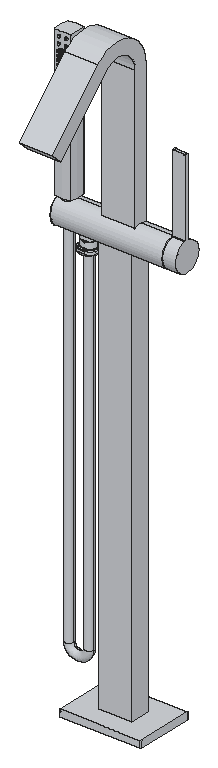
Revit family "Faucet-Bath_Filler-KOHLER-LOURE-K-8147T", category Plumbing Fixtures, host Face, Revit 2017 (continued)
Definition of nested family "K-8147T"
  Lines and regions (in)
    symbolic lines, detail levels medium+fine
      curve 386: arc (-3.50258, 0, 35.59517) -> (-3.56163, 0, 35.65422) -> (-3.62069, 0, 35.59517) r 0.05906
      curve 387: arc (-3.58722, 0, 35.59517) -> (-3.56163, 0, 35.62076) -> (-3.53604, 0, 35.59517) r 0.02559
      curve 388: arc (-3.53604, 0, 35.59517) -> (-3.56163, 0, 35.56958) -> (-3.58722, 0, 35.59517) r 0.02559
      curve 389: arc (-3.62069, 0, 35.59517) -> (-3.56163, 0, 35.53611) -> (-3.50258, 0, 35.59517) r 0.05906
      curve 390: arc (-3.26908, 0, 35.59517) -> (-3.32813, 0, 35.65422) -> (-3.38719, 0, 35.59517) r 0.05906
      curve 391: arc (-3.30254, 0, 35.59517) -> (-3.32813, 0, 35.56958) -> (-3.35372, 0, 35.59517) r 0.02559
      curve 392: arc (-3.35372, 0, 35.59517) -> (-3.32813, 0, 35.62076) -> (-3.30254, 0, 35.59517) r 0.02559
      curve 393: arc (-3.38719, 0, 35.59517) -> (-3.32813, 0, 35.53611) -> (-3.26908, 0, 35.59517) r 0.05906
      curve 394: arc (-3.26156, 0, 35.72982) -> (-3.2025, 0, 35.67076) -> (-3.14345, 0, 35.72982) r 0.05906
      curve 395: arc (-3.14345, 0, 35.72982) -> (-3.2025, 0, 35.78887) -> (-3.26156, 0, 35.72982) r 0.05906
      curve 396: arc (-3.17691, 0, 35.72982) -> (-3.2025, 0, 35.70423) -> (-3.22809, 0, 35.72982) r 0.02559
      curve 397: arc (-3.22809, 0, 35.72982) -> (-3.2025, 0, 35.75541) -> (-3.17691, 0, 35.72982) r 0.02559
      curve 398: arc (-3.14345, 0, 35.4739) -> (-3.2025, 0, 35.53295) -> (-3.26156, 0, 35.4739) r 0.05906
      curve 399: arc (-3.22809, 0, 35.4739) -> (-3.2025, 0, 35.49949) -> (-3.17691, 0, 35.4739) r 0.02559
      curve 400: arc (-3.17691, 0, 35.4739) -> (-3.2025, 0, 35.44831) -> (-3.22809, 0, 35.4739) r 0.02559
      curve 401: arc (-3.26156, 0, 35.4739) -> (-3.2025, 0, 35.41484) -> (-3.14345, 0, 35.4739) r 0.05906
      curve 402: arc (-3.41929, 0, 35.47425) -> (-3.44488, 0, 35.44866) -> (-3.47047, 0, 35.47425) r 0.02559
      curve 403: arc (-3.50394, 0, 35.47425) -> (-3.44488, 0, 35.4152) -> (-3.38583, 0, 35.47425) r 0.05906
      curve 404: arc (-3.38583, 0, 35.47425) -> (-3.44488, 0, 35.53331) -> (-3.50394, 0, 35.47425) r 0.05906
      curve 405: arc (-3.47047, 0, 35.47425) -> (-3.44488, 0, 35.49984) -> (-3.41929, 0, 35.47425) r 0.02559
      curve 406: arc (-3.66167, 0, 35.4739) -> (-3.68726, 0, 35.44831) -> (-3.71285, 0, 35.4739) r 0.02559
      curve 407: arc (-3.62821, 0, 35.4739) -> (-3.68726, 0, 35.53295) -> (-3.74632, 0, 35.4739) r 0.05906
      curve 408: arc (-3.71285, 0, 35.4739) -> (-3.68726, 0, 35.49949) -> (-3.66167, 0, 35.4739) r 0.02559
      curve 409: arc (-3.74632, 0, 35.4739) -> (-3.68726, 0, 35.41484) -> (-3.62821, 0, 35.4739) r 0.05906
      curve 444: arc (-3.53604, 0, 35.33488) -> (-3.56163, 0, 35.30929) -> (-3.58722, 0, 35.33488) r 0.02559
      curve 445: arc (-3.62069, 0, 35.33488) -> (-3.56163, 0, 35.27583) -> (-3.50258, 0, 35.33488) r 0.05906
      curve 446: arc (-3.50258, 0, 35.33488) -> (-3.56163, 0, 35.39394) -> (-3.62069, 0, 35.33488) r 0.05906
      curve 447: arc (-3.58722, 0, 35.33488) -> (-3.56163, 0, 35.36048) -> (-3.53604, 0, 35.33488) r 0.02559
      curve 448: arc (-3.26908, 0, 35.33488) -> (-3.32813, 0, 35.39394) -> (-3.38719, 0, 35.33488) r 0.05906
      curve 449: arc (-3.35372, 0, 35.33488) -> (-3.32813, 0, 35.36048) -> (-3.30254, 0, 35.33488) r 0.02559
      curve 450: arc (-3.30254, 0, 35.33488) -> (-3.32813, 0, 35.30929) -> (-3.35372, 0, 35.33488) r 0.02559
      curve 451: arc (-3.38719, 0, 35.33488) -> (-3.32813, 0, 35.27583) -> (-3.26908, 0, 35.33488) r 0.05906
      curve 452: arc (-3.66167, 0, 35.21362) -> (-3.68726, 0, 35.18803) -> (-3.71285, 0, 35.21362) r 0.02559
      curve 453: arc (-3.74632, 0, 35.21362) -> (-3.68726, 0, 35.15456) -> (-3.62821, 0, 35.21362) r 0.05906
      curve 454: arc (-3.62821, 0, 35.21362) -> (-3.68726, 0, 35.27267) -> (-3.74632, 0, 35.21362) r 0.05906
      curve 455: arc (-3.71285, 0, 35.21362) -> (-3.68726, 0, 35.23921) -> (-3.66167, 0, 35.21362) r 0.02559
      curve 456: arc (-3.47047, 0, 35.21397) -> (-3.44488, 0, 35.23956) -> (-3.41929, 0, 35.21397) r 0.02559
      curve 457: arc (-3.41929, 0, 35.21397) -> (-3.44488, 0, 35.18838) -> (-3.47047, 0, 35.21397) r 0.02559
      curve 458: arc (-3.38583, 0, 35.21397) -> (-3.44488, 0, 35.27303) -> (-3.50394, 0, 35.21397) r 0.05906
      curve 459: arc (-3.50394, 0, 35.21397) -> (-3.44488, 0, 35.15492) -> (-3.38583, 0, 35.21397) r 0.05906
      curve 460: arc (-3.17691, 0, 35.21362) -> (-3.2025, 0, 35.18803) -> (-3.22809, 0, 35.21362) r 0.02559
      curve 461: arc (-3.22809, 0, 35.21362) -> (-3.2025, 0, 35.23921) -> (-3.17691, 0, 35.21362) r 0.02559
      curve 462: arc (-3.14345, 0, 35.21362) -> (-3.2025, 0, 35.27267) -> (-3.26156, 0, 35.21362) r 0.05906
      curve 463: arc (-3.26156, 0, 35.21362) -> (-3.2025, 0, 35.15456) -> (-3.14345, 0, 35.21362) r 0.05906
      curve 464: arc (-3.26908, 0, 35.08286) -> (-3.32813, 0, 35.14192) -> (-3.38719, 0, 35.08286) r 0.05906
      curve 465: arc (-3.35372, 0, 35.08286) -> (-3.32813, 0, 35.10846) -> (-3.30254, 0, 35.08286) r 0.02559
      curve 466: arc (-3.30254, 0, 35.08286) -> (-3.32813, 0, 35.05727) -> (-3.35372, 0, 35.08286) r 0.02559
      curve 467: arc (-3.38719, 0, 35.08286) -> (-3.32813, 0, 35.02381) -> (-3.26908, 0, 35.08286) r 0.05906
      curve 468: arc (-3.50258, 0, 35.08286) -> (-3.56163, 0, 35.14192) -> (-3.62069, 0, 35.08286) r 0.05906
      curve 469: arc (-3.62069, 0, 35.08286) -> (-3.56163, 0, 35.02381) -> (-3.50258, 0, 35.08286) r 0.05906
      curve 470: arc (-3.58722, 0, 35.08286) -> (-3.56163, 0, 35.10846) -> (-3.53604, 0, 35.08286) r 0.02559
      curve 471: arc (-3.53604, 0, 35.08286) -> (-3.56163, 0, 35.05727) -> (-3.58722, 0, 35.08286) r 0.02559
      curve 472: arc (-3.66167, 0, 34.9616) -> (-3.68726, 0, 34.93601) -> (-3.71285, 0, 34.9616) r 0.02559
      curve 473: arc (-3.71285, 0, 34.9616) -> (-3.68726, 0, 34.98719) -> (-3.66167, 0, 34.9616) r 0.02559
      curve 474: arc (-3.62821, 0, 34.9616) -> (-3.68726, 0, 35.02065) -> (-3.74632, 0, 34.9616) r 0.05906
      curve 475: arc (-3.74632, 0, 34.9616) -> (-3.68726, 0, 34.90254) -> (-3.62821, 0, 34.9616) r 0.05906
      curve 476: arc (-3.38583, 0, 34.96195) -> (-3.44488, 0, 35.02101) -> (-3.50394, 0, 34.96195) r 0.05906
      curve 477: arc (-3.47047, 0, 34.96195) -> (-3.44488, 0, 34.98754) -> (-3.41929, 0, 34.96195) r 0.02559
      curve 478: arc (-3.41929, 0, 34.96195) -> (-3.44488, 0, 34.93636) -> (-3.47047, 0, 34.96195) r 0.02559
      curve 479: arc (-3.50394, 0, 34.96195) -> (-3.44488, 0, 34.9029) -> (-3.38583, 0, 34.96195) r 0.05906
      curve 480: arc (-3.50258, 0, 34.82694) -> (-3.56163, 0, 34.886) -> (-3.62069, 0, 34.82694) r 0.05906
      curve 481: arc (-3.58722, 0, 34.82694) -> (-3.56163, 0, 34.85254) -> (-3.53604, 0, 34.82694) r 0.02559
      curve 482: arc (-3.53604, 0, 34.82694) -> (-3.56163, 0, 34.80135) -> (-3.58722, 0, 34.82694) r 0.02559
      curve 483: arc (-3.62069, 0, 34.82694) -> (-3.56163, 0, 34.76789) -> (-3.50258, 0, 34.82694) r 0.05906
      curve 484: arc (-3.26908, 0, 34.82694) -> (-3.32813, 0, 34.886) -> (-3.38719, 0, 34.82694) r 0.05906
      curve 485: arc (-3.30254, 0, 34.82694) -> (-3.32813, 0, 34.80135) -> (-3.35372, 0, 34.82694) r 0.02559
      curve 486: arc (-3.35372, 0, 34.82694) -> (-3.32813, 0, 34.85254) -> (-3.30254, 0, 34.82694) r 0.02559
      curve 487: arc (-3.38719, 0, 34.82694) -> (-3.32813, 0, 34.76789) -> (-3.26908, 0, 34.82694) r 0.05906
      curve 488: arc (-3.26156, 0, 34.9616) -> (-3.2025, 0, 34.90254) -> (-3.14345, 0, 34.9616) r 0.05906
      curve 489: arc (-3.14345, 0, 34.9616) -> (-3.2025, 0, 35.02065) -> (-3.26156, 0, 34.9616) r 0.05906
      curve 490: arc (-3.17691, 0, 34.9616) -> (-3.2025, 0, 34.93601) -> (-3.22809, 0, 34.9616) r 0.02559
      curve 491: arc (-3.22809, 0, 34.9616) -> (-3.2025, 0, 34.98719) -> (-3.17691, 0, 34.9616) r 0.02559
      curve 492: arc (-3.14345, 0, 34.70568) -> (-3.2025, 0, 34.76473) -> (-3.26156, 0, 34.70568) r 0.05906
      curve 493: arc (-3.22809, 0, 34.70568) -> (-3.2025, 0, 34.73127) -> (-3.17691, 0, 34.70568) r 0.02559
      curve 494: arc (-3.17691, 0, 34.70568) -> (-3.2025, 0, 34.68009) -> (-3.22809, 0, 34.70568) r 0.02559
      curve 495: arc (-3.26156, 0, 34.70568) -> (-3.2025, 0, 34.64662) -> (-3.14345, 0, 34.70568) r 0.05906
      curve 496: arc (-3.41929, 0, 34.70603) -> (-3.44488, 0, 34.68044) -> (-3.47047, 0, 34.70603) r 0.02559
      curve 497: arc (-3.50394, 0, 34.70603) -> (-3.44488, 0, 34.64698) -> (-3.38583, 0, 34.70603) r 0.05906
      curve 498: arc (-3.38583, 0, 34.70603) -> (-3.44488, 0, 34.76509) -> (-3.50394, 0, 34.70603) r 0.05906
      curve 499: arc (-3.47047, 0, 34.70603) -> (-3.44488, 0, 34.73162) -> (-3.41929, 0, 34.70603) r 0.02559
      curve 500: arc (-3.66167, 0, 34.70568) -> (-3.68726, 0, 34.68009) -> (-3.71285, 0, 34.70568) r 0.02559
      curve 501: arc (-3.62821, 0, 34.70568) -> (-3.68726, 0, 34.76473) -> (-3.74632, 0, 34.70568) r 0.05906
      curve 502: arc (-3.71285, 0, 34.70568) -> (-3.68726, 0, 34.73127) -> (-3.66167, 0, 34.70568) r 0.02559
      curve 503: arc (-3.74632, 0, 34.70568) -> (-3.68726, 0, 34.64662) -> (-3.62821, 0, 34.70568) r 0.05906
      curve 538: arc (-3.53604, 0, 34.5638) -> (-3.56163, 0, 34.53821) -> (-3.58722, 0, 34.5638) r 0.02559
      curve 539: arc (-3.62069, 0, 34.5638) -> (-3.56163, 0, 34.50475) -> (-3.50258, 0, 34.5638) r 0.05906
      curve 540: arc (-3.50258, 0, 34.5638) -> (-3.56163, 0, 34.62286) -> (-3.62069, 0, 34.5638) r 0.05906
      curve 541: arc (-3.58722, 0, 34.5638) -> (-3.56163, 0, 34.58939) -> (-3.53604, 0, 34.5638) r 0.02559
      curve 542: arc (-3.26908, 0, 34.5638) -> (-3.32813, 0, 34.62286) -> (-3.38719, 0, 34.5638) r 0.05906
      curve 543: arc (-3.35372, 0, 34.5638) -> (-3.32813, 0, 34.58939) -> (-3.30254, 0, 34.5638) r 0.02559
      curve 544: arc (-3.30254, 0, 34.5638) -> (-3.32813, 0, 34.53821) -> (-3.35372, 0, 34.5638) r 0.02559
      curve 545: arc (-3.38719, 0, 34.5638) -> (-3.32813, 0, 34.50475) -> (-3.26908, 0, 34.5638) r 0.05906
      curve 546: arc (-3.66167, 0, 34.44253) -> (-3.68726, 0, 34.41694) -> (-3.71285, 0, 34.44253) r 0.02559
      curve 547: arc (-3.74632, 0, 34.44253) -> (-3.68726, 0, 34.38348) -> (-3.62821, 0, 34.44253) r 0.05906
      curve 548: arc (-3.62821, 0, 34.44253) -> (-3.68726, 0, 34.50159) -> (-3.74632, 0, 34.44253) r 0.05906
      curve 549: arc (-3.71285, 0, 34.44253) -> (-3.68726, 0, 34.46812) -> (-3.66167, 0, 34.44253) r 0.02559
      curve 550: arc (-3.47047, 0, 34.44289) -> (-3.44488, 0, 34.46848) -> (-3.41929, 0, 34.44289) r 0.02559
      curve 551: arc (-3.41929, 0, 34.44289) -> (-3.44488, 0, 34.4173) -> (-3.47047, 0, 34.44289) r 0.02559
      curve 552: arc (-3.38583, 0, 34.44289) -> (-3.44488, 0, 34.50194) -> (-3.50394, 0, 34.44289) r 0.05906
      curve 553: arc (-3.50394, 0, 34.44289) -> (-3.44488, 0, 34.38383) -> (-3.38583, 0, 34.44289) r 0.05906
      curve 554: arc (-3.17691, 0, 34.44253) -> (-3.2025, 0, 34.41694) -> (-3.22809, 0, 34.44253) r 0.02559
      curve 555: arc (-3.22809, 0, 34.44253) -> (-3.2025, 0, 34.46812) -> (-3.17691, 0, 34.44253) r 0.02559
      curve 556: arc (-3.14345, 0, 34.44253) -> (-3.2025, 0, 34.50159) -> (-3.26156, 0, 34.44253) r 0.05906
      curve 557: arc (-3.26156, 0, 34.44253) -> (-3.2025, 0, 34.38348) -> (-3.14345, 0, 34.44253) r 0.05906
      curve 558: arc (-3.26908, 0, 34.31178) -> (-3.32813, 0, 34.37084) -> (-3.38719, 0, 34.31178) r 0.05906
      curve 559: arc (-3.35372, 0, 34.31178) -> (-3.32813, 0, 34.33737) -> (-3.30254, 0, 34.31178) r 0.02559
      curve 560: arc (-3.30254, 0, 34.31178) -> (-3.32813, 0, 34.28619) -> (-3.35372, 0, 34.31178) r 0.02559
      curve 561: arc (-3.38719, 0, 34.31178) -> (-3.32813, 0, 34.25273) -> (-3.26908, 0, 34.31178) r 0.05906
      curve 562: arc (-3.50258, 0, 34.31178) -> (-3.56163, 0, 34.37084) -> (-3.62069, 0, 34.31178) r 0.05906
      curve 563: arc (-3.62069, 0, 34.31178) -> (-3.56163, 0, 34.25273) -> (-3.50258, 0, 34.31178) r 0.05906
      curve 564: arc (-3.58722, 0, 34.31178) -> (-3.56163, 0, 34.33737) -> (-3.53604, 0, 34.31178) r 0.02559
      curve 565: arc (-3.53604, 0, 34.31178) -> (-3.56163, 0, 34.28619) -> (-3.58722, 0, 34.31178) r 0.02559
      curve 566: arc (-3.66167, 0, 34.19051) -> (-3.68726, 0, 34.16492) -> (-3.71285, 0, 34.19051) r 0.02559
      curve 567: arc (-3.71285, 0, 34.19051) -> (-3.68726, 0, 34.2161) -> (-3.66167, 0, 34.19051) r 0.02559
      curve 568: arc (-3.62821, 0, 34.19051) -> (-3.68726, 0, 34.24957) -> (-3.74632, 0, 34.19051) r 0.05906
      curve 569: arc (-3.74632, 0, 34.19051) -> (-3.68726, 0, 34.13146) -> (-3.62821, 0, 34.19051) r 0.05906
      curve 570: arc (-3.38583, 0, 34.19087) -> (-3.44488, 0, 34.24992) -> (-3.50394, 0, 34.19087) r 0.05906
      curve 571: arc (-3.47047, 0, 34.19087) -> (-3.44488, 0, 34.21646) -> (-3.41929, 0, 34.19087) r 0.02559
      curve 572: arc (-3.41929, 0, 34.19087) -> (-3.44488, 0, 34.16528) -> (-3.47047, 0, 34.19087) r 0.02559
      curve 573: arc (-3.50394, 0, 34.19087) -> (-3.44488, 0, 34.13181) -> (-3.38583, 0, 34.19087) r 0.05906
      curve 574: arc (-3.50258, 0, 34.05586) -> (-3.56163, 0, 34.11492) -> (-3.62069, 0, 34.05586) r 0.05906
      curve 575: arc (-3.58722, 0, 34.05586) -> (-3.56163, 0, 34.08145) -> (-3.53604, 0, 34.05586) r 0.02559
      curve 576: arc (-3.53604, 0, 34.05586) -> (-3.56163, 0, 34.03027) -> (-3.58722, 0, 34.05586) r 0.02559
      curve 577: arc (-3.62069, 0, 34.05586) -> (-3.56163, 0, 33.99681) -> (-3.50258, 0, 34.05586) r 0.05906
      curve 578: arc (-3.26908, 0, 34.05586) -> (-3.32813, 0, 34.11492) -> (-3.38719, 0, 34.05586) r 0.05906
      curve 579: arc (-3.30254, 0, 34.05586) -> (-3.32813, 0, 34.03027) -> (-3.35372, 0, 34.05586) r 0.02559
      curve 580: arc (-3.35372, 0, 34.05586) -> (-3.32813, 0, 34.08145) -> (-3.30254, 0, 34.05586) r 0.02559
      curve 581: arc (-3.38719, 0, 34.05586) -> (-3.32813, 0, 33.99681) -> (-3.26908, 0, 34.05586) r 0.05906
      curve 582: arc (-3.26156, 0, 34.19051) -> (-3.2025, 0, 34.13146) -> (-3.14345, 0, 34.19051) r 0.05906
      curve 583: arc (-3.14345, 0, 34.19051) -> (-3.2025, 0, 34.24957) -> (-3.26156, 0, 34.19051) r 0.05906
      curve 584: arc (-3.17691, 0, 34.19051) -> (-3.2025, 0, 34.16492) -> (-3.22809, 0, 34.19051) r 0.02559
      curve 585: arc (-3.22809, 0, 34.19051) -> (-3.2025, 0, 34.2161) -> (-3.17691, 0, 34.19051) r 0.02559
      curve 586: line (-3.44488, 0, 33.39353) -> (-3.44488, 0, 32.84)
      curve 587: line (-3.44488, 0, 32.84) -> (-3.44488, 0, 33.39353)
      curve 588: arc (-3.17913, 0, 32.33078) -> (-3.44488, 0, 32.06503) -> (-3.71063, 0, 32.33078) r 0.26575
      curve 589: arc (-3.71063, 0, 32.33078) -> (-3.44488, 0, 32.59653) -> (-3.17913, 0, 32.33078) r 0.26575
      curve 590: arc (-3.14445, 0, 32.33078) -> (-3.44488, 0, 32.63121) -> (-3.74531, 0, 32.33078) r 0.30043
      curve 591: arc (-3.14445, 0, 32.33078) -> (-3.44488, 0, 32.63121) -> (-3.74531, 0, 32.33078) r 0.30043
      curve 592: arc (-3.74531, 0, 32.33078) -> (-3.44488, 0, 32.03035) -> (-3.14445, 0, 32.33078) r 0.30043
      curve 593: line (-3.44488, -0.55118, 37.90641) -> (-3.44488, 0.55118, 37.90641)
      curve 594: line (-3.44488, -0.55118, 37.90641) -> (-3.44488, -0.55118, 37.70956)
      curve 595: line (-3.44488, -0.55118, 37.70956) -> (-3.44488, -0.55984, 37.66428)
      curve 596: line (-3.44488, -0.55984, 37.66428) -> (-3.44488, -0.55984, 37.5068)
      curve 597: line (-3.44488, -0.55984, 37.5068) -> (-3.44488, -0.55118, 37.4745)
      curve 598: line (-3.44488, -0.55984, 37.21546) -> (-3.44488, -0.55118, 37.24776)
      curve 599: line (-3.44488, -0.55984, 37.21546) -> (-3.44488, -0.55984, 37.05798)
      curve 600: line (-3.44488, -0.55984, 37.05798) -> (-3.44488, -0.55118, 37.02568)
      curve 601: line (-3.44488, -0.4886, 37.90641) -> (-3.44488, -0.4886, 28.45759)
      curve 602: line (-3.44488, -0.51513, 37.90641) -> (-3.44488, -0.51513, 28.45759)
      curve 603: arc (-3.44488, -0.55118, 33.39353) -> (-3.44488, -0.53859, 33.11677) -> (-3.44488, -0.55118, 32.84) r 3.04824
      curve 604: arc (-3.44488, -0.55108, 32.63058) -> (-3.44488, -0.53696, 32.33105) -> (-3.44488, -0.55108, 32.03153) r 3.18398
      curve 605: arc (-3.44488, -0.55118, 32.59652) -> (-3.44488, -0.54006, 32.33078) -> (-3.44488, -0.55118, 32.06504) r 3.17951
      curve 606: line (-3.44488, 0.4886, 37.90641) -> (-3.44488, 0.4886, 28.45759)
      curve 607: line (-3.44488, 0.51513, 37.90641) -> (-3.44488, 0.51513, 28.45759)
      curve 608: line (-3.44488, -0.60421, 36.92592) -> (-3.44488, -0.60421, 36.68654)
      curve 609: line (-3.44488, -0.60421, 36.68654) -> (-3.44488, -0.53869, 36.68654)
      curve 610: line (-3.44488, -0.60421, 36.92592) -> (-3.44488, -0.54727, 36.92592)
      curve 611: line (-3.44488, -0.60421, 36.8077) -> (-3.44488, -0.54983, 36.8077)
      curve 612: line (-3.44488, -0.60421, 36.80464) -> (-3.44488, -0.54159, 36.80464)
      curve 613: line (-3.44488, -0.60421, 36.6739) -> (-3.44488, -0.60421, 36.43452)
      curve 614: line (-3.44488, -0.60421, 36.43452) -> (-3.44488, -0.53869, 36.43452)
      curve 615: line (-3.44488, -0.60421, 36.6739) -> (-3.44488, -0.54727, 36.6739)
      curve 616: line (-3.44488, -0.60421, 36.55568) -> (-3.44488, -0.54983, 36.55568)
      curve 617: line (-3.44488, -0.60421, 36.55262) -> (-3.44488, -0.54159, 36.55262)
      curve 618: line (-3.44488, -0.60421, 36.41798) -> (-3.44488, -0.60421, 36.1786)
      curve 619: line (-3.44488, -0.60421, 36.1786) -> (-3.44488, -0.53869, 36.1786)
      curve 620: line (-3.44488, -0.60421, 36.41798) -> (-3.44488, -0.54727, 36.41798)
      curve 621: line (-3.44488, -0.60421, 36.29976) -> (-3.44488, -0.54983, 36.29976)
      curve 622: line (-3.44488, -0.60421, 36.2967) -> (-3.44488, -0.54159, 36.2967)
      curve 623: line (-3.44488, -0.60421, 36.16216) -> (-3.44488, -0.60421, 35.92278)
      curve 624: line (-3.44488, -0.60421, 35.92278) -> (-3.44488, -0.53869, 35.92278)
      curve 625: line (-3.44488, -0.60421, 36.16216) -> (-3.44488, -0.54727, 36.16216)
      curve 626: line (-3.44488, -0.60421, 36.04394) -> (-3.44488, -0.54983, 36.04394)
      curve 627: line (-3.44488, -0.60421, 36.04088) -> (-3.44488, -0.54159, 36.04088)
      curve 628: line (-3.44488, -0.60421, 35.90683) -> (-3.44488, -0.60421, 35.66746)
      curve 629: line (-3.44488, -0.60421, 35.66746) -> (-3.44488, -0.53869, 35.66746)
      curve 630: line (-3.44488, -0.60421, 35.90683) -> (-3.44488, -0.54727, 35.90683)
      curve 631: line (-3.44488, -0.60421, 35.78861) -> (-3.44488, -0.54983, 35.78861)
      curve 632: line (-3.44488, -0.60421, 35.78555) -> (-3.44488, -0.54159, 35.78555)
      curve 633: line (-3.44488, -0.60421, 35.65069) -> (-3.44488, -0.60421, 35.41131)
      curve 634: line (-3.44488, -0.60421, 35.41131) -> (-3.44488, -0.53869, 35.41131)
      curve 635: line (-3.44488, -0.60421, 35.65069) -> (-3.44488, -0.54727, 35.65069)
      curve 636: line (-3.44488, -0.60421, 35.53246) -> (-3.44488, -0.54983, 35.53246)
      curve 637: line (-3.44488, -0.60421, 35.5294) -> (-3.44488, -0.54159, 35.5294)
      curve 638: line (-3.44488, -0.60421, 35.39394) -> (-3.44488, -0.60421, 35.15456)
      curve 639: line (-3.44488, -0.60421, 35.15456) -> (-3.44488, -0.53869, 35.15456)
      curve 640: line (-3.44488, -0.60421, 35.39394) -> (-3.44488, -0.54727, 35.39394)
      curve 641: line (-3.44488, -0.60421, 35.27571) -> (-3.44488, -0.54983, 35.27571)
      curve 642: line (-3.44488, -0.60421, 35.27266) -> (-3.44488, -0.54159, 35.27266)
      curve 643: line (-3.44488, -0.60421, 35.13562) -> (-3.44488, -0.60421, 34.89624)
      curve 644: line (-3.44488, -0.60421, 34.89624) -> (-3.44488, -0.53869, 34.89624)
      curve 645: line (-3.44488, -0.60421, 35.13562) -> (-3.44488, -0.54727, 35.13562)
      curve 646: line (-3.44488, -0.60421, 35.01739) -> (-3.44488, -0.54983, 35.01739)
      curve 647: line (-3.44488, -0.60421, 35.01433) -> (-3.44488, -0.54159, 35.01433)
      curve 648: line (-3.44488, -0.60421, 34.8788) -> (-3.44488, -0.60421, 34.63942)
      curve 649: line (-3.44488, -0.60421, 34.63942) -> (-3.44488, -0.53869, 34.63942)
      curve 650: line (-3.44488, -0.60421, 34.8788) -> (-3.44488, -0.54727, 34.8788)
      curve 651: line (-3.44488, -0.60421, 34.76058) -> (-3.44488, -0.54983, 34.76058)
      curve 652: line (-3.44488, -0.60421, 34.75752) -> (-3.44488, -0.54159, 34.75752)
      curve 653: line (-3.44488, -0.60421, 34.62286) -> (-3.44488, -0.60421, 34.38348)
      curve 654: line (-3.44488, -0.60421, 34.38348) -> (-3.44488, -0.53869, 34.38348)
      curve 655: line (-3.44488, -0.60421, 34.62286) -> (-3.44488, -0.54727, 34.62286)
      curve 656: line (-3.44488, -0.60421, 34.50463) -> (-3.44488, -0.54983, 34.50463)
      curve 657: line (-3.44488, -0.60421, 34.50157) -> (-3.44488, -0.54159, 34.50157)
      curve 658: line (-3.44488, -0.60421, 34.36865) -> (-3.44488, -0.60421, 34.12927)
      curve 659: line (-3.44488, -0.60421, 34.12927) -> (-3.44488, -0.53869, 34.12927)
      curve 660: line (-3.44488, -0.60421, 34.36865) -> (-3.44488, -0.54727, 34.36865)
      curve 661: line (-3.44488, -0.60421, 34.25042) -> (-3.44488, -0.54983, 34.25042)
      curve 662: line (-3.44488, -0.60421, 34.24736) -> (-3.44488, -0.54159, 34.24736)
      curve 663: line (-3.44488, -0.60421, 34.12006) -> (-3.44488, -0.54713, 34.12006)
      curve 664: line (-3.44488, -0.60421, 34.00195) -> (-3.44488, -0.54713, 34.00195)
      curve 665: line (-3.44488, -0.60421, 34.12006) -> (-3.44488, -0.60421, 34.00195)
      curve 666: line (-3.44488, 0.55118, 28.45759) -> (-3.44488, -0.55118, 28.45759)
      curve 667: line (-3.44488, 0.45275, 28.42019) -> (-3.44488, -0.45275, 28.42019)
      curve 668: line (-3.44488, 0.31496, 28.30983) -> (-3.44488, 0.31496, 26.73133)
      curve 669: arc (-3.44488, 0.3722, 28.3473) -> (-3.44488, 0.44565, 28.31036) -> (-3.44488, 0.51464, 28.26563) r 0.75364
      curve 670: arc (-3.44488, 0.31496, 28.30983) -> (-3.44488, 0.33345, 28.34404) -> (-3.44488, 0.3722, 28.3473) r 0.04088
      curve 671: arc (-3.44488, 0.38221, 28.29841) -> (-3.44488, 0.86433, 27.52596) -> (-3.44488, 0.38202, 26.75362) r 0.85971
      curve 672: line (-3.44488, 0.34973, 28.27814) -> (-3.44488, 0.34973, 26.77378)
      curve 673: arc (-3.44488, 0.34973, 28.27814) -> (-3.44488, 0.36035, 28.29728) -> (-3.44488, 0.38221, 28.29841) r 0.02257
      curve 674: arc (-3.44488, 0.38202, 26.75362) -> (-3.44488, 0.36029, 26.75475) -> (-3.44488, 0.34973, 26.77378) r 0.02244
      curve 675: arc (-3.44488, 0.67666, 26.91885) -> (-3.44488, 0.49366, 26.76147) -> (-3.44488, 0.27559, 26.65802) r 0.90551
      curve 676: line (-3.44488, 0.38221, 28.29841) -> (-3.44488, 0.37371, 28.34664)
      curve 677: line (-3.44488, 0.34973, 28.27814) -> (-3.44488, 0.31496, 28.30983)
      curve 678: line (-3.44488, 0.34973, 26.77378) -> (-3.44488, 0.31496, 26.73133)
      curve 679: line (-3.44488, 0.38202, 26.75362) -> (-3.44488, 0.37242, 26.6952)
      curve 680: line (-3.44488, -0.31496, 28.30983) -> (-3.44488, -0.31496, 26.73133)
      curve 681: arc (-3.44488, -0.3722, 28.3473) -> (-3.44488, -0.44565, 28.31036) -> (-3.44488, -0.51464, 28.26563) r 0.75364
      curve 682: arc (-3.44488, -0.31496, 28.30983) -> (-3.44488, -0.33345, 28.34404) -> (-3.44488, -0.3722, 28.3473) r 0.04088
      curve 683: arc (-3.44488, -0.38221, 28.29841) -> (-3.44488, -0.86433, 27.52596) -> (-3.44488, -0.38202, 26.75362) r 0.85971
      curve 684: line (-3.44488, -0.34973, 28.27814) -> (-3.44488, -0.34973, 26.77378)
      curve 685: arc (-3.44488, -0.34973, 28.27814) -> (-3.44488, -0.36035, 28.29728) -> (-3.44488, -0.38221, 28.29841) r 0.02257
      curve 686: arc (-3.44488, -0.38202, 26.75362) -> (-3.44488, -0.36029, 26.75475) -> (-3.44488, -0.34973, 26.77378) r 0.02244
      curve 687: arc (-3.44488, -0.31496, 26.73133) -> (-3.44488, -0.32968, 26.69991) -> (-3.44488, -0.36324, 26.69112) r 0.04088
      curve 688: arc (-3.44488, -0.66634, 26.90744) -> (-3.44488, -0.4872, 26.7573) -> (-3.44488, -0.27559, 26.65802) r 0.90551
      curve 689: line (-3.44488, -0.38221, 28.29841) -> (-3.44488, -0.37371, 28.34664)
      curve 690: line (-3.44488, -0.34973, 28.27814) -> (-3.44488, -0.31496, 28.30983)
      curve 691: line (-3.44488, -0.34973, 26.77378) -> (-3.44488, -0.31496, 26.73133)
      curve 692: line (-3.44488, -0.38202, 26.75362) -> (-3.44488, -0.37242, 26.6952)
      curve 693: line (-3.44488, 0.31496, 27.23908) -> (-3.44488, -0.31496, 27.23908)
      curve 694: line (-3.44488, 0.29527, 27.19578) -> (-3.44488, -0.29527, 27.19578)
      curve 695: line (-3.44488, 0.29527, 27.23908) -> (-3.44488, 0.29527, 27.19578)
      curve 696: line (-3.44488, -0.29527, 27.19578) -> (-3.44488, -0.29527, 27.23908)
      curve 697: line (-3.44488, 0.50394, 26.50877) -> (-3.44488, 0.50394, 26.76825)
      curve 698: line (-3.44488, 0.50394, 26.50877) -> (-3.44488, 0.27559, 26.50877)
      curve 699: line (-3.44488, 0.50394, 26.50877) -> (-3.44488, 0.47963, 26.48908)
      curve 700: line (-3.44488, 0.47963, 26.48908) -> (-3.44488, 0.27559, 26.48908)
      curve 701: line (-3.44488, 0.43903, 26.43331) -> (-3.44488, 0.43903, 26.48908)
      curve 702: line (-3.44488, 0.50394, 26.43331) -> (-3.44488, 0.27559, 26.43331)
      curve 703: line (-3.44488, 0.50394, 26.43331) -> (-3.44488, 0.50394, 26.09079)
      curve 704: line (-3.44488, 0.61116, 26.02091) -> (-3.44488, 0.52856, 26.05428)
      curve 705: line (-3.44488, 0.63578, 25.98441) -> (-3.44488, 0.63578, 25.8152)
      curve 706: line (-3.44488, 0.27559, 25.77583) -> (-3.44488, 0.59641, 25.77583)
      curve 707: arc (-3.44488, 0.52856, 26.05428) -> (-3.44488, 0.51067, 26.06877) -> (-3.44488, 0.50394, 26.09079) r 0.03937
      curve 708: arc (-3.44488, 0.63578, 25.98441) -> (-3.44488, 0.62905, 26.00642) -> (-3.44488, 0.61116, 26.02091) r 0.03937
      curve 709: arc (-3.44488, 0.63578, 25.8152) -> (-3.44488, 0.62425, 25.78736) -> (-3.44488, 0.59641, 25.77583) r 0.03937
      curve 710: line (-3.44488, 0.50394, 26.09079) -> (-3.44488, 0.27559, 26.09079)
      curve 711: line (-3.44488, 0.52856, 26.05428) -> (-3.44488, 0.27559, 26.05428)
      curve 712: line (-3.44488, 0.63578, 25.98441) -> (-3.44488, 0.27559, 25.98441)
      curve 713: line (-3.44488, 0.63578, 25.8152) -> (-3.44488, 0.27559, 25.8152)
      curve 714: line (-3.44488, 0.61116, 26.02091) -> (-3.44488, 0.27559, 26.02091)
      curve 715: line (-3.44488, -0.50394, 26.50877) -> (-3.44488, -0.27559, 26.50877)
      curve 716: line (-3.44488, -0.50394, 26.50877) -> (-3.44488, -0.47963, 26.48908)
      curve 717: line (-3.44488, -0.47963, 26.48908) -> (-3.44488, -0.27559, 26.48908)
      curve 718: line (-3.44488, -0.43903, 26.43331) -> (-3.44488, -0.43903, 26.48908)
      curve 719: line (-3.44488, -0.50394, 26.43331) -> (-3.44488, -0.27559, 26.43331)
      curve 720: line (-3.44488, -0.50394, 26.43331) -> (-3.44488, -0.50394, 26.09079)
      curve 721: line (-3.44488, -0.61116, 26.02091) -> (-3.44488, -0.52856, 26.05428)
      curve 722: line (-3.44488, -0.63578, 25.98441) -> (-3.44488, -0.63578, 25.8152)
      curve 723: line (-3.44488, -0.27559, 25.77583) -> (-3.44488, -0.59641, 25.77583)
      curve 724: arc (-3.44488, -0.52856, 26.05428) -> (-3.44488, -0.51067, 26.06877) -> (-3.44488, -0.50394, 26.09079) r 0.03937
      curve 725: arc (-3.44488, -0.63578, 25.98441) -> (-3.44488, -0.62905, 26.00642) -> (-3.44488, -0.61116, 26.02091) r 0.03937
      curve 726: arc (-3.44488, -0.63578, 25.8152) -> (-3.44488, -0.62425, 25.78736) -> (-3.44488, -0.59641, 25.77583) r 0.03937
      curve 727: line (-3.44488, -0.50394, 26.09079) -> (-3.44488, -0.27559, 26.09079)
      curve 728: line (-3.44488, -0.52856, 26.05428) -> (-3.44488, -0.27559, 26.05428)
      curve 729: line (-3.44488, -0.63578, 25.98441) -> (-3.44488, -0.27559, 25.98441)
      curve 730: line (-3.44488, -0.63578, 25.8152) -> (-3.44488, -0.27559, 25.8152)
      curve 731: line (-3.44488, -0.61116, 26.02091) -> (-3.44488, -0.27559, 26.02091)
      curve 732: line (-3.44488, -0.50394, 26.50877) -> (-3.44488, -0.50394, 26.76825)
      curve 733: line (-3.44488, 0.27559, 27.19578) -> (-3.44488, 0.27559, 2.55684)
      curve 734: line (-3.44488, -0.27559, 27.19578) -> (-3.44488, -0.27559, 2.55684)
      curve 735: arc (-3.44488, 0.27559, 2.55684) -> (-3.44488, 0, 2.28125) -> (-3.44488, -0.27559, 2.55684) r 0.27559
      curve 736: line (-3.44488, 0.62992, 0.43307) -> (-3.44488, -0.62992, 0.43307)
      curve 737: line (-3.44488, 1.85302, 0.3954) -> (-3.44488, -1.85302, 0.3954)
      curve 738: line (-3.44488, -1.81369, 0.43307) -> (-3.44488, -1.83071, 0)
      curve 739: line (-3.44488, 1.81203, 0.43307) -> (-3.44488, 1.83071, 0)
      curve 740: arc (-3.44488, 0.31496, 26.73133) -> (-3.44488, 0.33179, 26.69434) -> (-3.44488, 0.37242, 26.6952) r 0.03694
      curve 741: line (-3.93583, 0.90551, 0) -> (-3.93583, 0.51425, 0)
      curve 742: line (-3.93583, -0.90551, 0) -> (-3.93583, -0.51425, 0)
    model lines, detail levels medium+fine
      curve 118: circle (-3.32813, 0, 36.86687) r 0.05906 normal (0, -1, 0)
      curve 119: circle (-3.32813, 0, 36.86687) r 0.02559 normal (0, -1, 0)
      curve 120: circle (-3.2025, 0, 36.7456) r 0.05906 normal (0, -1, 0)
      curve 121: circle (-3.2025, 0, 36.7456) r 0.02559 normal (0, -1, 0)
      curve 122: circle (-3.44488, 0, 36.74595) r 0.05906 normal (0, -1, 0)
      curve 123: circle (-3.44488, 0, 36.74595) r 0.02559 normal (0, -1, 0)
      curve 124: circle (-3.56163, 0, 36.86687) r 0.05906 normal (0, 1, 0)
      curve 125: circle (-3.56163, 0, 36.86687) r 0.02559 normal (0, 1, 0)
      curve 126: circle (-3.68726, 0, 36.7456) r 0.05906 normal (0, 1, 0)
      curve 127: circle (-3.68726, 0, 36.7456) r 0.02559 normal (0, 1, 0)
      curve 128: circle (-3.32813, 0, 36.61485) r 0.05906 normal (0, -1, 0)
      curve 129: circle (-3.32813, 0, 36.61485) r 0.02559 normal (0, -1, 0)
      curve 130: circle (-3.2025, 0, 36.49358) r 0.05906 normal (0, -1, 0)
      curve 131: circle (-3.2025, 0, 36.49358) r 0.02559 normal (0, -1, 0)
      curve 132: circle (-3.44488, 0, 36.49393) r 0.05906 normal (0, -1, 0)
      curve 133: circle (-3.44488, 0, 36.49393) r 0.02559 normal (0, -1, 0)
      curve 134: circle (-3.56163, 0, 36.61485) r 0.05906 normal (0, 1, 0)
      curve 135: circle (-3.56163, 0, 36.61485) r 0.02559 normal (0, 1, 0)
      curve 136: circle (-3.68726, 0, 36.49358) r 0.05906 normal (0, 1, 0)
      curve 137: circle (-3.68726, 0, 36.49358) r 0.02559 normal (0, 1, 0)
      curve 138: circle (-3.32813, 0, 36.35893) r 0.05906 normal (0, -1, 0)
      curve 139: circle (-3.32813, 0, 36.35893) r 0.02559 normal (0, -1, 0)
      curve 140: circle (-3.2025, 0, 36.23766) r 0.05906 normal (0, -1, 0)
      curve 141: circle (-3.2025, 0, 36.23766) r 0.02559 normal (0, -1, 0)
      curve 142: circle (-3.44488, 0, 36.23801) r 0.05906 normal (0, -1, 0)
      curve 143: circle (-3.44488, 0, 36.23801) r 0.02559 normal (0, -1, 0)
      curve 144: circle (-3.56163, 0, 36.35893) r 0.05906 normal (0, 1, 0)
      curve 145: circle (-3.56163, 0, 36.35893) r 0.02559 normal (0, 1, 0)
      curve 146: circle (-3.68726, 0, 36.23766) r 0.05906 normal (0, 1, 0)
      curve 147: circle (-3.68726, 0, 36.23766) r 0.02559 normal (0, 1, 0)
      curve 148: circle (-3.32813, 0, 36.10311) r 0.05906 normal (0, -1, 0)
      curve 149: circle (-3.32813, 0, 36.10311) r 0.02559 normal (0, -1, 0)
      curve 150: circle (-3.2025, 0, 35.98184) r 0.05906 normal (0, -1, 0)
      curve 151: circle (-3.2025, 0, 35.98184) r 0.02559 normal (0, -1, 0)
      curve 152: circle (-3.44488, 0, 35.98219) r 0.05906 normal (0, -1, 0)
      curve 153: circle (-3.44488, 0, 35.98219) r 0.02559 normal (0, -1, 0)
      curve 154: circle (-3.56163, 0, 36.10311) r 0.05906 normal (0, 1, 0)
      curve 155: circle (-3.56163, 0, 36.10311) r 0.02559 normal (0, 1, 0)
      curve 156: circle (-3.68726, 0, 35.98184) r 0.05906 normal (0, 1, 0)
      curve 157: circle (-3.68726, 0, 35.98184) r 0.02559 normal (0, 1, 0)
      curve 158: circle (-3.32813, 0, 35.84778) r 0.05906 normal (0, -1, 0)
      curve 159: circle (-3.32813, 0, 35.84778) r 0.02559 normal (0, -1, 0)
      curve 160: circle (-3.2025, 0, 35.72651) r 0.05906 normal (0, -1, 0)
      curve 161: circle (-3.2025, 0, 35.72651) r 0.02559 normal (0, -1, 0)
      curve 162: circle (-3.44488, 0, 35.72687) r 0.05906 normal (0, -1, 0)
      curve 163: circle (-3.44488, 0, 35.72687) r 0.02559 normal (0, -1, 0)
      curve 164: circle (-3.56163, 0, 35.84778) r 0.05906 normal (0, 1, 0)
      curve 165: circle (-3.56163, 0, 35.84778) r 0.02559 normal (0, 1, 0)
      curve 166: circle (-3.68726, 0, 35.72651) r 0.05906 normal (0, 1, 0)
      curve 167: circle (-3.68726, 0, 35.72651) r 0.02559 normal (0, 1, 0)
      curve 168: circle (-3.32813, 0, 35.59163) r 0.05906 normal (0, -1, 0)
      curve 169: circle (-3.32813, 0, 35.59163) r 0.02559 normal (0, -1, 0)
      curve 170: circle (-3.2025, 0, 35.47036) r 0.05906 normal (0, -1, 0)
      curve 171: circle (-3.2025, 0, 35.47036) r 0.02559 normal (0, -1, 0)
      curve 172: circle (-3.44488, 0, 35.47072) r 0.05906 normal (0, -1, 0)
      curve 173: circle (-3.44488, 0, 35.47072) r 0.02559 normal (0, -1, 0)
      curve 174: circle (-3.56163, 0, 35.59163) r 0.05906 normal (0, 1, 0)
      curve 175: circle (-3.56163, 0, 35.59163) r 0.02559 normal (0, 1, 0)
      curve 176: circle (-3.68726, 0, 35.47036) r 0.05906 normal (0, 1, 0)
      curve 177: circle (-3.68726, 0, 35.47036) r 0.02559 normal (0, 1, 0)
      curve 178: circle (-3.32813, 0, 35.33488) r 0.05906 normal (0, -1, 0)
      curve 179: circle (-3.32813, 0, 35.33488) r 0.02559 normal (0, -1, 0)
      curve 180: circle (-3.2025, 0, 35.21362) r 0.05906 normal (0, -1, 0)
      curve 181: circle (-3.2025, 0, 35.21362) r 0.02559 normal (0, -1, 0)
      curve 182: circle (-3.44488, 0, 35.21397) r 0.05906 normal (0, -1, 0)
      curve 183: circle (-3.44488, 0, 35.21397) r 0.02559 normal (0, -1, 0)
      curve 184: circle (-3.56163, 0, 35.33488) r 0.05906 normal (0, 1, 0)
      curve 185: circle (-3.56163, 0, 35.33488) r 0.02559 normal (0, 1, 0)
      curve 186: circle (-3.68726, 0, 35.21362) r 0.05906 normal (0, 1, 0)
      curve 187: circle (-3.68726, 0, 35.21362) r 0.02559 normal (0, 1, 0)
      curve 188: circle (-3.32813, 0, 35.07656) r 0.05906 normal (0, -1, 0)
      curve 189: circle (-3.32813, 0, 35.07656) r 0.02559 normal (0, -1, 0)
      curve 190: circle (-3.2025, 0, 34.9553) r 0.05906 normal (0, -1, 0)
      curve 191: circle (-3.2025, 0, 34.9553) r 0.02559 normal (0, -1, 0)
      curve 192: circle (-3.44488, 0, 34.95565) r 0.05906 normal (0, -1, 0)
      curve 193: circle (-3.44488, 0, 34.95565) r 0.02559 normal (0, -1, 0)
      curve 194: circle (-3.56163, 0, 35.07656) r 0.05906 normal (0, 1, 0)
      curve 195: circle (-3.56163, 0, 35.07656) r 0.02559 normal (0, 1, 0)
      curve 196: circle (-3.68726, 0, 34.9553) r 0.05906 normal (0, 1, 0)
      curve 197: circle (-3.68726, 0, 34.9553) r 0.02559 normal (0, 1, 0)
      curve 198: circle (-3.32813, 0, 34.81975) r 0.05906 normal (0, -1, 0)
      curve 199: circle (-3.32813, 0, 34.81975) r 0.02559 normal (0, -1, 0)
      curve 200: circle (-3.2025, 0, 34.69848) r 0.05906 normal (0, -1, 0)
      curve 201: circle (-3.2025, 0, 34.69848) r 0.02559 normal (0, -1, 0)
      curve 202: circle (-3.44488, 0, 34.69883) r 0.05906 normal (0, -1, 0)
      curve 203: circle (-3.44488, 0, 34.69883) r 0.02559 normal (0, -1, 0)
      curve 204: circle (-3.56163, 0, 34.81975) r 0.05906 normal (0, 1, 0)
      curve 205: circle (-3.56163, 0, 34.81975) r 0.02559 normal (0, 1, 0)
      curve 206: circle (-3.68726, 0, 34.69848) r 0.05906 normal (0, 1, 0)
      curve 207: circle (-3.68726, 0, 34.69848) r 0.02559 normal (0, 1, 0)
      curve 208: circle (-3.32813, 0, 34.5638) r 0.05906 normal (0, -1, 0)
      curve 209: circle (-3.32813, 0, 34.5638) r 0.02559 normal (0, -1, 0)
      curve 210: circle (-3.2025, 0, 34.44253) r 0.05906 normal (0, -1, 0)
      curve 211: circle (-3.2025, 0, 34.44253) r 0.02559 normal (0, -1, 0)
      curve 212: circle (-3.44488, 0, 34.44289) r 0.05906 normal (0, -1, 0)
      curve 213: circle (-3.44488, 0, 34.44289) r 0.02559 normal (0, -1, 0)
      curve 214: circle (-3.56163, 0, 34.5638) r 0.05906 normal (0, 1, 0)
      curve 215: circle (-3.56163, 0, 34.5638) r 0.02559 normal (0, 1, 0)
      curve 216: circle (-3.68726, 0, 34.44253) r 0.05906 normal (0, 1, 0)
      curve 217: circle (-3.68726, 0, 34.44253) r 0.02559 normal (0, 1, 0)
      curve 218: circle (-3.32813, 0, 34.30959) r 0.05906 normal (0, -1, 0)
      curve 219: circle (-3.32813, 0, 34.30959) r 0.02559 normal (0, -1, 0)
      curve 220: circle (-3.2025, 0, 34.18833) r 0.05906 normal (0, -1, 0)
      curve 221: circle (-3.2025, 0, 34.18833) r 0.02559 normal (0, -1, 0)
      curve 222: circle (-3.44488, 0, 34.18868) r 0.05906 normal (0, -1, 0)
      curve 223: circle (-3.44488, 0, 34.18868) r 0.02559 normal (0, -1, 0)
      curve 224: circle (-3.56163, 0, 34.30959) r 0.05906 normal (0, 1, 0)
      curve 225: circle (-3.56163, 0, 34.30959) r 0.02559 normal (0, 1, 0)
      curve 226: circle (-3.68726, 0, 34.18833) r 0.05906 normal (0, 1, 0)
      curve 227: circle (-3.68726, 0, 34.18833) r 0.02559 normal (0, 1, 0)
      curve 228: circle (-3.32086, 0, 34.06101) r 0.05906 normal (0, -1, 0)
      curve 229: circle (-3.32086, 0, 34.06101) r 0.02559 normal (0, -1, 0)
      curve 230: circle (-3.56891, 0, 34.06101) r 0.05906 normal (0, 1, 0)
      curve 231: circle (-3.56891, 0, 34.06101) r 0.02559 normal (0, 1, 0)
      curve 316: circle (-3.32813, 0, 36.10311) r 0.05906 normal (0, -1, 0)
      curve 317: circle (-3.32813, 0, 36.10311) r 0.02559 normal (0, -1, 0)
      curve 318: circle (-3.2025, 0, 35.98184) r 0.05906 normal (0, -1, 0)
      curve 319: circle (-3.2025, 0, 35.98184) r 0.02559 normal (0, -1, 0)
      curve 320: circle (-3.44488, 0, 35.98219) r 0.05906 normal (0, -1, 0)
      curve 321: circle (-3.44488, 0, 35.98219) r 0.02559 normal (0, -1, 0)
      curve 322: circle (-3.56163, 0, 36.10311) r 0.05906 normal (0, 1, 0)
      curve 323: circle (-3.56163, 0, 36.10311) r 0.02559 normal (0, 1, 0)
      curve 324: circle (-3.68726, 0, 35.98184) r 0.05906 normal (0, 1, 0)
      curve 325: circle (-3.68726, 0, 35.98184) r 0.02559 normal (0, 1, 0)
      curve 326: circle (-3.32813, 0, 35.85109) r 0.05906 normal (0, -1, 0)
      curve 327: circle (-3.32813, 0, 35.85109) r 0.02559 normal (0, -1, 0)
      curve 328: circle (-3.2025, 0, 35.72982) r 0.05906 normal (0, -1, 0)
      curve 329: circle (-3.2025, 0, 35.72982) r 0.02559 normal (0, -1, 0)
      curve 330: circle (-3.44488, 0, 35.73017) r 0.05906 normal (0, -1, 0)
      curve 331: circle (-3.44488, 0, 35.73017) r 0.02559 normal (0, -1, 0)
      curve 332: circle (-3.56163, 0, 35.85109) r 0.05906 normal (0, 1, 0)
      curve 333: circle (-3.56163, 0, 35.85109) r 0.02559 normal (0, 1, 0)
      curve 334: circle (-3.68726, 0, 35.72982) r 0.05906 normal (0, 1, 0)
      curve 335: circle (-3.68726, 0, 35.72982) r 0.02559 normal (0, 1, 0)
      curve 336: circle (-3.32813, 0, 35.59517) r 0.05906 normal (0, -1, 0)
      curve 337: circle (-3.32813, 0, 35.59517) r 0.02559 normal (0, -1, 0)
      curve 338: circle (-3.2025, 0, 35.4739) r 0.05906 normal (0, -1, 0)
      curve 339: circle (-3.2025, 0, 35.4739) r 0.02559 normal (0, -1, 0)
      curve 340: circle (-3.44488, 0, 35.47425) r 0.05906 normal (0, -1, 0)
      curve 341: circle (-3.44488, 0, 35.47425) r 0.02559 normal (0, -1, 0)
      curve 342: circle (-3.56163, 0, 35.59517) r 0.05906 normal (0, 1, 0)
      curve 343: circle (-3.56163, 0, 35.59517) r 0.02559 normal (0, 1, 0)
      curve 344: circle (-3.68726, 0, 35.4739) r 0.05906 normal (0, 1, 0)
      curve 345: circle (-3.68726, 0, 35.4739) r 0.02559 normal (0, 1, 0)
      curve 346: circle (-3.32813, 0, 35.33935) r 0.05906 normal (0, -1, 0)
      curve 347: circle (-3.32813, 0, 35.33935) r 0.02559 normal (0, -1, 0)
      curve 348: circle (-3.56163, 0, 35.33935) r 0.05906 normal (0, 1, 0)
      curve 349: circle (-3.56163, 0, 35.33935) r 0.02559 normal (0, 1, 0)
      curve 410: circle (-3.32813, 0, 35.33488) r 0.05906 normal (0, -1, 0)
      curve 411: circle (-3.32813, 0, 35.33488) r 0.02559 normal (0, -1, 0)
      curve 412: circle (-3.2025, 0, 35.21362) r 0.05906 normal (0, -1, 0)
      curve 413: circle (-3.2025, 0, 35.21362) r 0.02559 normal (0, -1, 0)
      curve 414: circle (-3.44488, 0, 35.21397) r 0.05906 normal (0, -1, 0)
      curve 415: circle (-3.44488, 0, 35.21397) r 0.02559 normal (0, -1, 0)
      curve 416: circle (-3.56163, 0, 35.33488) r 0.05906 normal (0, 1, 0)
      curve 417: circle (-3.56163, 0, 35.33488) r 0.02559 normal (0, 1, 0)
      curve 418: circle (-3.68726, 0, 35.21362) r 0.05906 normal (0, 1, 0)
      curve 419: circle (-3.68726, 0, 35.21362) r 0.02559 normal (0, 1, 0)
      curve 420: circle (-3.32813, 0, 35.08286) r 0.05906 normal (0, -1, 0)
      curve 421: circle (-3.32813, 0, 35.08286) r 0.02559 normal (0, -1, 0)
      curve 422: circle (-3.2025, 0, 34.9616) r 0.05906 normal (0, -1, 0)
      curve 423: circle (-3.2025, 0, 34.9616) r 0.02559 normal (0, -1, 0)
      curve 424: circle (-3.44488, 0, 34.96195) r 0.05906 normal (0, -1, 0)
      curve 425: circle (-3.44488, 0, 34.96195) r 0.02559 normal (0, -1, 0)
      curve 426: circle (-3.56163, 0, 35.08286) r 0.05906 normal (0, 1, 0)
      curve 427: circle (-3.56163, 0, 35.08286) r 0.02559 normal (0, 1, 0)
      curve 428: circle (-3.68726, 0, 34.9616) r 0.05906 normal (0, 1, 0)
      curve 429: circle (-3.68726, 0, 34.9616) r 0.02559 normal (0, 1, 0)
      curve 430: circle (-3.32813, 0, 34.82694) r 0.05906 normal (0, -1, 0)
      curve 431: circle (-3.32813, 0, 34.82694) r 0.02559 normal (0, -1, 0)
      curve 432: circle (-3.2025, 0, 34.70568) r 0.05906 normal (0, -1, 0)
      curve 433: circle (-3.2025, 0, 34.70568) r 0.02559 normal (0, -1, 0)
      curve 434: circle (-3.44488, 0, 34.70603) r 0.05906 normal (0, -1, 0)
      curve 435: circle (-3.44488, 0, 34.70603) r 0.02559 normal (0, -1, 0)
      curve 436: circle (-3.56163, 0, 34.82694) r 0.05906 normal (0, 1, 0)
      curve 437: circle (-3.56163, 0, 34.82694) r 0.02559 normal (0, 1, 0)
      curve 438: circle (-3.68726, 0, 34.70568) r 0.05906 normal (0, 1, 0)
      curve 439: circle (-3.68726, 0, 34.70568) r 0.02559 normal (0, 1, 0)
      curve 440: circle (-3.32813, 0, 34.57112) r 0.05906 normal (0, -1, 0)
      curve 441: circle (-3.32813, 0, 34.57112) r 0.02559 normal (0, -1, 0)
      curve 442: circle (-3.56163, 0, 34.57112) r 0.05906 normal (0, 1, 0)
      curve 443: circle (-3.56163, 0, 34.57112) r 0.02559 normal (0, 1, 0)
      curve 504: circle (-3.32813, 0, 34.5638) r 0.05906 normal (0, -1, 0)
      curve 505: circle (-3.32813, 0, 34.5638) r 0.02559 normal (0, -1, 0)
      curve 506: circle (-3.2025, 0, 34.44253) r 0.05906 normal (0, -1, 0)
      curve 507: circle (-3.2025, 0, 34.44253) r 0.02559 normal (0, -1, 0)
      curve 508: circle (-3.44488, 0, 34.44289) r 0.05906 normal (0, -1, 0)
      curve 509: circle (-3.44488, 0, 34.44289) r 0.02559 normal (0, -1, 0)
      curve 510: circle (-3.56163, 0, 34.5638) r 0.05906 normal (0, 1, 0)
      curve 511: circle (-3.56163, 0, 34.5638) r 0.02559 normal (0, 1, 0)
      curve 512: circle (-3.68726, 0, 34.44253) r 0.05906 normal (0, 1, 0)
      curve 513: circle (-3.68726, 0, 34.44253) r 0.02559 normal (0, 1, 0)
      curve 514: circle (-3.32813, 0, 34.31178) r 0.05906 normal (0, -1, 0)
      curve 515: circle (-3.32813, 0, 34.31178) r 0.02559 normal (0, -1, 0)
      curve 516: circle (-3.2025, 0, 34.19051) r 0.05906 normal (0, -1, 0)
      curve 517: circle (-3.2025, 0, 34.19051) r 0.02559 normal (0, -1, 0)
      curve 518: circle (-3.44488, 0, 34.19087) r 0.05906 normal (0, -1, 0)
      curve 519: circle (-3.44488, 0, 34.19087) r 0.02559 normal (0, -1, 0)
      curve 520: circle (-3.56163, 0, 34.31178) r 0.05906 normal (0, 1, 0)
      curve 521: circle (-3.56163, 0, 34.31178) r 0.02559 normal (0, 1, 0)
      curve 522: circle (-3.68726, 0, 34.19051) r 0.05906 normal (0, 1, 0)
      curve 523: circle (-3.68726, 0, 34.19051) r 0.02559 normal (0, 1, 0)
      curve 524: circle (-3.32813, 0, 34.05586) r 0.05906 normal (0, -1, 0)
      curve 525: circle (-3.32813, 0, 34.05586) r 0.02559 normal (0, -1, 0)
      curve 526: circle (-3.2025, 0, 33.93459) r 0.05906 normal (0, -1, 0)
      curve 527: circle (-3.2025, 0, 33.93459) r 0.02559 normal (0, -1, 0)
      curve 528: circle (-3.44488, 0, 33.93495) r 0.05906 normal (0, -1, 0)
      curve 529: circle (-3.44488, 0, 33.93495) r 0.02559 normal (0, -1, 0)
      curve 530: circle (-3.56163, 0, 34.05586) r 0.05906 normal (0, 1, 0)
      curve 531: circle (-3.56163, 0, 34.05586) r 0.02559 normal (0, 1, 0)
      curve 532: circle (-3.68726, 0, 33.93459) r 0.05906 normal (0, 1, 0)
      curve 533: circle (-3.68726, 0, 33.93459) r 0.02559 normal (0, 1, 0)
      curve 534: circle (-3.32813, 0, 33.80004) r 0.05906 normal (0, -1, 0)
      curve 535: circle (-3.32813, 0, 33.80004) r 0.02559 normal (0, -1, 0)
      curve 536: circle (-3.56163, 0, 33.80004) r 0.05906 normal (0, 1, 0)
      curve 537: circle (-3.56163, 0, 33.80004) r 0.02559 normal (0, 1, 0)
  Dimensions and locks (in)
    plane 4 to plane 5 = 5.15748"
    plane 6 to plane 7 = 3.74016"
    plane 8 to level = 39.44991"
    plane 10 to level = 34.94422"
    plane 11 to level = 27.52058"
    plane 12 to plane 1 "Center (Front/Back)" = 6.5748"
    plane 16 to plane 15 = 1.10236"
    plane 14 to plane 13 = 9.44882"
    plane 21 to plane 20 = 7.95276"
    plane 23 to plane 24 = 1.10236"
    plane 15 to plane 16 = 1.10236"
    angle plane 9 to plane 1 "Center (Front/Back)" = 45.00°
    aligned and locked: plane 2 to level
  Automatic sketch dimensions
    SweptBlend 1 sketch curve to plane 3 "Center (Left/Right)" = 0"
    SweptBlend 1 sketch curve to level = 0"
    SweptBlend 1 sketch curve to SweptBlend 1 sketch curve = 0.43307"
    profile plane to SweptBlend 1 sketch curve = 2.57874"
    SweptBlend 1 sketch curve to SweptBlend 1 sketch curve = 0.03937"  (x6)
    SweptBlend 1 sketch curve to profile plane = 2.53937"  (x2)
    SweptBlend 1 sketch curve to plane 1 "Center (Front/Back)" = 1.87008"
    plane 1 "Center (Front/Back)" to SweptBlend 1 sketch curve = 1.83071"
    profile plane to SweptBlend 1 sketch curve = 2.56006"
    SweptBlend 1 sketch curve to profile plane = 2.52069"  (x2)
    SweptBlend 1 sketch curve to plane 1 "Center (Front/Back)" = 1.8514"
    plane 1 "Center (Front/Back)" to SweptBlend 1 sketch curve = 1.81203"
    Sweep 2 sketch curve to plane 22 = 0"
    Sweep 2 sketch curve to plane 11 = 0"
    Sweep 2 sketch curve to plane 8 = 0.64427"
    plane 7 to Sweep 2 sketch curve = 1.45887"
    Sweep 2 sketch curve to plane 7 = 0.09941"
    Sweep 2 sketch curve to plane 15 = 0.11811"
    plane 10 to Sweep 2 sketch curve = 0.30779"
    Sweep 2 sketch curve to profile plane = 0"
    Sweep 2 sketch curve to profile plane = 0.86614"
    Sweep 2 sketch curve to plane 3 "Center (Left/Right)" = 1.04331"
    plane 3 "Center (Left/Right)" to Sweep 2 sketch curve = 1.04331"
    plane 16 to Extrusion 3 sketch curve = 0.07874"
    plane 15 to Extrusion 3 sketch curve = 0.07874"
    level to Extrusion 3 sketch curve = 0.43307"
    Extrusion 3 sketch curve to plane 11 = 0.58346"
    Revolve 4 sketch curve to plane 11 = 0"  (x2)
    Revolve 4 sketch curve to plane 21 = 0"
    plane 21 to Revolve 4 sketch curve = 0.05906"
    Revolve 4 sketch curve to plane 13 = 0.0627"
    plane 26 to Revolve 4 sketch curve = 0.25591"
    Revolve 4 sketch curve to Revolve 4 sketch curve = 0.04966"
    Revolve 4 sketch curve to plane 13 = 0.09055"
    plane 5 to Revolve 4 sketch curve = 1.20079"
    Revolve 4 sketch curve to plane 20 = 0.7874"
    Extrusion 5 sketch curve to plane 18 = 0"
    Extrusion 5 sketch curve to plane 1 "Center (Front/Back)" = 0"
    Extrusion 5 sketch curve to plane 11 = 0"
    plane 1 "Center (Front/Back)" to Extrusion 5 sketch curve = 0.07874"
    Extrusion 5 sketch curve to plane 13 = 0.00221"  (x2)
    plane 1 "Center (Front/Back)" to Extrusion 5 sketch curve = 0.09843"
    Extrusion 5 sketch curve to Extrusion 5 sketch curve = 0.03937"  (x2)
    Extrusion 5 sketch curve to plane 18 = 0.01969"
    Extrusion 5 sketch curve to plane 1 "Center (Front/Back)" = 0.07874"
    Extrusion 5 sketch curve to Extrusion 5 sketch curve = 0"
    Extrusion 6 sketch curve to plane 23 = 0.04728"
    plane 21 to Extrusion 6 sketch curve = 0.22475"
    plane 21 to Extrusion 6 sketch curve = 0.22488"
    Extrusion 6 sketch curve to plane 1 "Center (Front/Back)" = 0.00006"
    Extrusion 6 sketch curve to plane 17 "1" = 0.06238"
    Extrusion 6 sketch curve to plane 16 = 0.23622"
    Extrusion 6 sketch curve to Extrusion 6 sketch curve = 0.05906"  (x2)
    Extrusion 6 sketch curve to plane 15 = 0.23622"
    Extrusion 6 sketch curve to Extrusion 6 sketch curve = 0"
    plane 19 to Revolve 7 sketch curve = 0"  (x2)
    Revolve 7 sketch curve to plane 4 = 0.02564"
    Revolve 7 sketch curve to Revolve 7 sketch curve = 0.0406"
    Revolve 7 sketch curve to plane 4 = 0.09055"
    Revolve 7 sketch curve to Revolve 7 sketch curve = 0.02431"
    Revolve 7 sketch curve to Revolve 7 sketch curve = 0.02462"
    Revolve 7 sketch curve to Revolve 7 sketch curve = 0.01475"  (x2)
    Revolve 7 sketch curve to plane 24 = 0.13194"
    Revolve 7 sketch curve to Revolve 7 sketch curve = 0.06785"
    Revolve 7 sketch curve to Revolve 7 sketch curve = 0.03937"
    Revolve 7 sketch curve to plane 11 = 1.74475"
    Revolve 7 sketch curve to Revolve 7 sketch curve = 0.16921"
    Revolve 7 sketch curve to Revolve 7 sketch curve = 0.03337"
    Revolve 7 sketch curve to Revolve 7 sketch curve = 0.34252"
    Revolve 7 sketch curve to Revolve 7 sketch curve = 0.05578"
    Revolve 7 sketch curve to Revolve 7 sketch curve = 0.01969"
    Revolve 7 sketch curve to Revolve 7 sketch curve = 0.32365"
    Revolve 7 sketch curve to Revolve 7 sketch curve = 0.08674"
    Revolve 7 sketch curve to Revolve 7 sketch curve = 0.30154"
    Extrusion 8 sketch curve to plane 1 "Center (Front/Back)" = 0"  (x2)
    Extrusion 8 sketch curve to plane 23 = 2.22088"
    plane 21 to Extrusion 8 sketch curve = 0.0279"
    plane 21 to Extrusion 8 sketch curve = 0.02791"
    plane 17 "1" to Extrusion 8 sketch curve = 0.0001"  (x2)
    plane 24 to Extrusion 8 sketch curve = 0.06727"  (x2)
    Extrusion 8 sketch curve to plane 3 "Center (Left/Right)" = 0.67282"
    Extrusion 8 sketch curve to plane 16 = 0.06721"
    Extrusion 8 sketch curve to plane 16 = 0.06718"
    plane 7 to Extrusion 8 sketch curve = 0.90798"
    Extrusion 8 sketch curve to plane 15 = 0.06721"
    Extrusion 8 sketch curve to plane 15 = 0.06718"
    plane 6 to Extrusion 8 sketch curve = 0.90798"
    Extrusion 8 sketch curve to plane 21 = 0.00325"
    Extrusion 8 sketch curve to Extrusion 8 sketch curve = 0"  (x7)
    Revolve 9 sketch curve to plane 1 "Center (Front/Back)" = 0"  (x2)
    Revolve 9 sketch curve to plane 13 = 0"
    Revolve 9 sketch curve to plane 13 = 0.0374"
    Revolve 9 sketch curve to plane 11 = 0.25197"
    Revolve 9 sketch curve to plane 15 = 0.14654"
    Revolve 9 sketch curve to Revolve 9 sketch curve = 0.00123"
    Revolve 9 sketch curve to Revolve 9 sketch curve = 0.02953"
    Revolve 9 sketch curve to Revolve 9 sketch curve = 0.04331"
    Revolve 9 sketch curve to Revolve 9 sketch curve = 0.07987"
    Revolve 9 sketch curve to plane 15 = 0.13042"
    Revolve 9 sketch curve to Revolve 9 sketch curve = 0.03199"
    Revolve 9 sketch curve to Revolve 9 sketch curve = 0.38717"
    plane 13 to Revolve 9 sketch curve = 35/256"
    plane 17 "1" to Sweep 10 sketch curve = 0"
    plane 19 to Sweep 10 sketch curve = 0"
    level to Sweep 10 sketch curve = 3.1969"
    Sweep 10 sketch curve to plane 11 = 1.74475"
    Sweep 10 sketch curve to plane 11 = 0.11582"
    plane 1 "Center (Front/Back)" to Sweep 10 sketch curve = 0"
    Sweep 10 sketch curve to profile plane = 0"
    plane 16 to Revolve 11 sketch curve = 0.10238"
    Revolve 11 sketch curve to plane 18 = 0.23059"
    plane 18 to Revolve 11 sketch curve = 0.02397"
    Revolve 11 sketch curve to Revolve 11 sketch curve = 0.02077"
    plane 18 to Revolve 11 sketch curve = 0.04682"
    Revolve 11 sketch curve to Revolve 11 sketch curve = 0.02041"
    Revolve 11 sketch curve to plane 16 = 0.03718"
    Revolve 11 sketch curve to Revolve 11 sketch curve = 0"
    Revolve 11 sketch curve to Revolve 11 sketch curve = 0.02239"
    Revolve 11 sketch curve to plane 16 = 0.01378"
    Extrusion 12 sketch curve to Extrusion 12 sketch curve = 0"  (x2)
    plane 17 "1" to Extrusion 12 sketch curve = 0"
    Extrusion 12 sketch curve to plane 18 = 1.01657"
    Extrusion 13 sketch curve to Extrusion 13 sketch curve = 0"  (x9)
    plane 17 "1" to Extrusion 13 sketch curve = 0.22441"  (x2)
    Extrusion 13 sketch curve to Extrusion 13 sketch curve = 0.05512"  (x4)
    Extrusion 13 sketch curve to Extrusion 13 sketch curve = 0.02362"  (x4)
    Extrusion 13 sketch curve to plane 17 "1" = 0.14567"  (x2)
    Extrusion 13 sketch curve to plane 14 = 0.76969"
    Extrusion 13 sketch curve to Extrusion 13 sketch curve = 0.29134"  (x2)
    Extrusion 14 sketch curve to Extrusion 14 sketch curve = 0"  (x114)
    plane 17 "1" to Extrusion 14 sketch curve = 0"  (x11)
    plane 17 "1" to Extrusion 14 sketch curve = 0.11675"  (x11)
    plane 17 "1" to Extrusion 14 sketch curve = 0.12403"
    Extrusion 14 sketch curve to Extrusion 14 sketch curve = 0.12563"  (x20)
    plane 10 to Extrusion 14 sketch curve = 0.01108"  (x2)
    Extrusion 14 sketch curve to Extrusion 14 sketch curve = 0.11835"  (x2)
